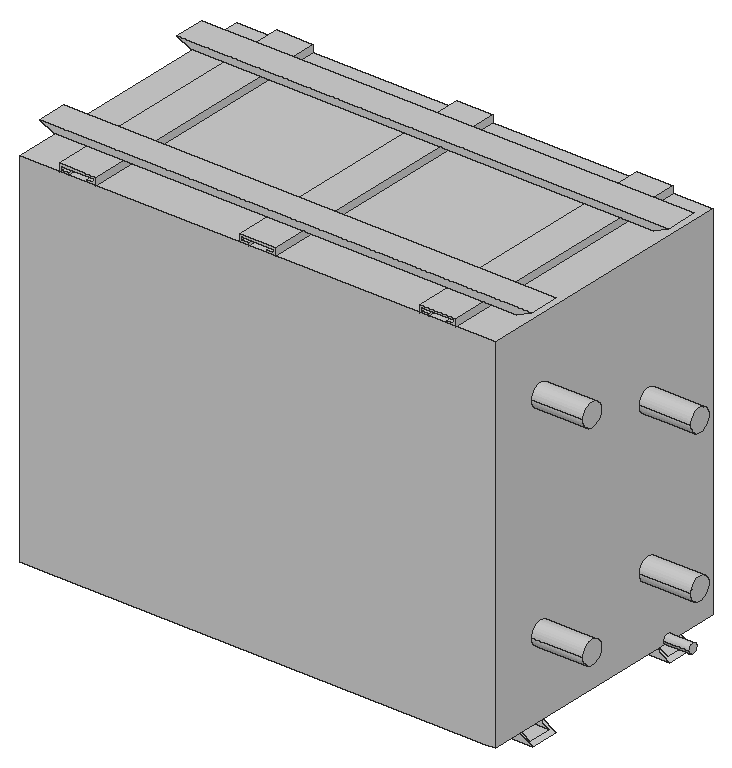
Revit family "Heat Pump-Rheem-W2W-35kW", category Mechanical Equipment, Revit 2020
Family settings
  Round Connector Dimension = Use Radius
  Part Type = Normal
  OmniClass Number = 23.75.10.21
  OmniClass Title = Heat Pumps
  Work Plane-Based = No
  Always vertical = Yes
  Cut with Voids When Loaded = No
  Shared = No
  Room Calculation Point = No
Parameters (values of type "9540350S")
  calcTopSupport = if(Show Top Supports, 32 mm, 0 mm)  # 32 mm
  calcFanGuardDepth = 133 mm  # constant formula
  Width_ANZRS = 599 mm  # constant formula
  Wattage_ANZRS = 35 kW  # constant formula
  Voltage_ANZRS = 230 V
  URL = "https://www.rheem.com.au/products/commercial/commercial-heat-pumps"
  Type Comments = ""
  SupportInsetSide = 77 mm  # constant formula
  Show Top Supports = yes
  ProductCode_ANZRS = "9540350S"
  PowerFactor_ANZRS = 1
  OutletPipeDiameter = 50 mm  # constant formula
  calcOutletPipeRad = if(1 = 1, OutletPipeDiameter / 2, 0 mm)  # 25 mm
  Model = "Rheem Commercial Water to Water Heat Pump – 35kW Stackable Model"
  Material_ANZRS = Rheem-Steel-Grey
  Manufacturer = "Rheem"  # constant formula
  Length_ANZRS = 1049 mm  # constant formula
  InletPipeDiameter = 50 mm  # constant formula
  calcInletPipeRadius = if(1 = 1, InletPipeDiameter / 2, 0 mm)  # 25 mm
  Height_ANZRS = if(Show Top Supports, 859 mm, 827 mm)  # 859 mm
  Description = "Rheem's Commercial Water to Water (W2W) heat pump includes units using R134a for hot water heating up to 65°C, with a minimum entering water temperature on the building loop of 12°C, giving a return water temperature of 7°C, with the units being compact and suitable for indoor or external installation. Stackable models allow units to be stacked two high for reduced footprint."
  Default Elevation = 0 mm
  CreatedBy_ANZRS = "Design Content"  # constant formula
  CreatedByURL_ANZRS = "https://www.designcontent.com.au/"
  Assembly Code = ""
  ApparentLoad_ANZRS = Wattage_ANZRS  # 35 kW
Types (2, lengths in mm): name | calcTopSupport | Show Top Supports | ProductCode_ANZRS | Model | Height_ANZRS | Description
  95403500 | 0 | no | "95403500" | "Rheem Commercial Water to Water Heat Pump – 35kW" | 827 | "Rheem's Commercial Water to Water (W2W) heat pump includes units using R134a for hot water heating up to 65°C, with a minimum entering water temperature on the building loop of 12°C, giving a return water temperature of 7°C, with the units being compact and suitable for indoor or external installation."
  9540350S | 32 | yes | "9540350S" | "Rheem Commercial Water to Water Heat Pump – 35kW Stackable Model" | 859 | "Rheem's Commercial Water to Water (W2W) heat pump includes units using R134a for hot water heating up to 65°C, with a minimum entering water temperature on the building loop of 12°C, giving a return water temperature of 7°C, with the units being compact and suitable for indoor or external installation. Stackable models allow units to be stacked two high for reduced footprint."
Reference planes
  plane 1 "Center (Front/Back)": y = 0
  plane 2: z = 0
  plane 3 "Center (Left/Right)": x = 0
  plane 4 "Back": y = 299.5
  plane 5 "Front": y = -299.5
  plane 6 "Left": x = -524.5
  plane 7 "Right": x = 524.5
  plane 8: z = 24
  plane 9 "HEIGHT": z = 827
  plane 10 "Inlet": z = 200
  plane 11 "Outlet": z = 670
  plane 12: x = 639.5
  plane 13: y = -222.5
  plane 14: y = 222.5
  plane 15: x = 582
  plane 16: z = 859
  plane 17: x = -544.5
  plane 18: x = 544.5
  plane 19 "Pipework": y = -176.5
Forms (mm)
  Extrusion 1, solid, material "Rheem-Steel-Grey" <- "Material_ANZRS", detail levels medium+fine
    sketch origin (0, 0, 0) x (1, 0, 0) y (0, 1, 0)
      loop
        line (-524.5, 299.5) -> (-524.5, -299.5) -> (524.5, -299.5) -> (524.5, 299.5) -> (-524.5, 299.5)
    from 24 to 827
  Extrusion 2, solid, material "Rheem-Steel-Grey" <- "Material_ANZRS"
    sketch origin (0, 111.908, 381.979) x (0, -1, 0) y (0, 0, 1)
      loop
        circle (288.408, -181.979) r 25
      loop
        circle (288.408, 288.021) r 25
      loop
        circle (-8.592, -185.979) r 25
      loop
        circle (-8.592, 147.021) r 25
    from -524.5 to -639.5
  Extrusion 3, solid, material "Rheem-Steel-Grey" <- "Material_ANZRS"
    sketch origin (524.5, 0, 0) x (0, -1, 0) y (0, 0, -1)
      loop
        circle (-173.5, -34) r 10
    from 0 to 57.5
  Extrusion 4, solid, material "Rheem-Steel-Grey" <- "Material_ANZRS", detail levels coarse
    sketch origin (0, 0, 827) x (-1, 0, 0) y (0, -1, 0)
      loop
        line (524.5, -299.5) -> (524.5, 299.5) -> (-524.5, 299.5) -> (-524.5, -299.5) -> (524.5, -299.5)
    from -827 to 32
  Extrusion 5, solid, material "Rheem-Steel-Grey" <- "Material_ANZRS", detail levels medium+fine
    sketch origin (0, 0, 0) x (0, 1, 0) y (0, 0, 1)
      loop
        line (247.5, 24) -> (217.5, 24) -> (217.5, 5) -> (163.086, 5) -> (163.086, 24) -> (133, 24) -> (133, 19) -> (158, 19) -> (158, 0) -> (222.5, 0) -> (222.5, 19) -> (247.5, 19) -> (247.5, 24)
      loop
        line (-133, 24) -> (-163, 24) -> (-163, 5) -> (-217.414, 5) -> (-217.414, 24) -> (-247.5, 24) -> (-247.5, 19) -> (-222.5, 19) -> (-222.5, 0) -> (-158, 0) -> (-158, 19) -> (-133, 19) -> (-133, 24)
    from -544.5 to 544.5
  Extrusion 6, solid, material "Rheem-Steel-Grey" <- "Material_ANZRS", visible <- "Show Top Supports", detail levels medium+fine
    sketch origin (0, 0, 0) x (1, 0, 0) y (0, 0, 1)
      loop
        line (-437.141, 827) -> (-417.141, 827) -> (-417.141, 832) -> (-432.141, 832) -> (-432.141, 838) -> (-362.141, 838) -> (-362.141, 832) -> (-377.141, 832) -> (-377.141, 827) -> (-357.141, 827) -> (-357.141, 843) -> (-437.141, 843) -> (-437.141, 827)
      loop
        line (357.141, 827) -> (377.141, 827) -> (377.141, 832) -> (362.141, 832) -> (362.141, 838) -> (432.141, 838) -> (432.141, 832) -> (417.141, 832) -> (417.141, 827) -> (437.141, 827) -> (437.141, 843) -> (357.141, 843) -> (357.141, 827)
      loop
        line (-40, 827) -> (-20, 827) -> (-20, 832) -> (-35, 832) -> (-35, 838) -> (35, 838) -> (35, 832) -> (20, 832) -> (20, 827) -> (40, 827) -> (40, 843) -> (-40, 843) -> (-40, 827)
    from -299.5 to 299.5
  Extrusion 7, solid, material "Rheem-Steel-Grey" <- "Material_ANZRS", visible <- "Show Top Supports", detail levels medium+fine
    sketch origin (23.5, 184.859, 18.5) x (0, -1, 0) y (0, 0, 1)
      loop
        line (29.359, 824.5) -> (29.359, 840.5) -> (-38.641, 840.5) -> (-38.641, 824.5) -> (-18.617, 824.5) -> (-18.617, 829) -> (-33.617, 829) -> (-33.617, 835.5) -> (24.359, 835.5) -> (24.359, 829) -> (9.359, 829) -> (9.359, 824.5) -> (29.359, 824.5)
      loop
        line (340.359, 824.5) -> (360.359, 824.5) -> (360.359, 829) -> (345.359, 829) -> (345.359, 835.5) -> (403.334, 835.5) -> (403.334, 829) -> (388.334, 829) -> (388.334, 824.5) -> (408.359, 824.5) -> (408.359, 840.5) -> (340.359, 840.5) -> (340.359, 824.5)
    from -521 to 568
  Extrusion 8, solid, detail levels medium+fine
    sketch origin (725.494, 299.5, 222.402) x (-1, 0, 0) y (0, 0, 1)
      loop
        circle (252.008, 378.5) r 15
      loop
        circle (252.008, 428.5) r 15
      loop
        circle (252.008, 328.5) r 15
      loop
        circle (252.008, 278.5) r 10
      loop
        circle (252.008, 228.5) r 10
    from 0 to 5
  Extrusion 9, void
    sketch origin (0, 0, 0) x (1, 0, 0) y (0, 0, 1)
      loop
        line (-511.136, 843) -> (-544.5, 860) -> (-544.5, 843) -> (-511.136, 843)
      loop
        line (511.136, 843) -> (544.5, 843) -> (544.5, 859.5) -> (511.136, 843)
      loop
        line (-502.931, 24) -> (-544.5, 24) -> (-544.5, 0) -> (-502.931, 24)
      loop
        line (502.931, 24) -> (544.5, 0) -> (544.5, 24) -> (502.931, 24)
    from -299.5 to 299.5
Cuts and joins
  Extrusion 9 cuts Extrusion 1
  Extrusion 9 cuts Extrusion 5
  Extrusion 9 cuts Extrusion 7
Lines and regions (mm)
  Split face 1
    outline origin (524.5, 299.5, 827) x (0, 0, -1) y (-1, 0, 0)
      loop
        line (140, 100) -> (802, 100) -> (802, 949) -> (140, 949) -> (140, 100)
  Split face 2
    outline origin (524.5, 299.5, 827) x (0, 0, -1) y (-1, 0, 0)
      loop
        line (120, 100) -> (120, 949) -> (20, 949) -> (20, 100) -> (120, 100)
Dimensions and locks
  equal spacing: plane 6 "Left", plane 3 "Center (Left/Right)", plane 7 "Right"
  equal spacing: plane 4 "Back", plane 1 "Center (Front/Back)", plane 5 "Front"
  "Width_ANZRS": plane 4 "Back" to plane 5 "Front"
  "Length_ANZRS": plane 6 "Left" to plane 7 "Right"
  locked: plane 12 to plane 7 "Right" at 115
  "SupportInsetSide": plane 5 "Front" to plane 13
  "SupportInsetSide": plane 14 to plane 4 "Back"
  locked: Extrusion 3 sketch curve to plane 8 at 10
  equal spacing: plane 12, plane 15, plane 7 "Right"
  locked: plane 8 to Extrusion 5 sketch curve at 5  (x2)
  Extrusion 5 sketch curve to plane 14 to Extrusion 5 sketch curve to Extrusion 5 sketch curve to Extrusion 5 sketch curve to Extrusion 5 sketch curve = 25 mm locked, 5 mm locked, 54.414 mm locked, 5.086 mm locked, 25 mm locked
  locked: plane 4 "Back" to Extrusion 3 sketch curve at 126
  Extrusion 5 sketch curve to Extrusion 5 sketch curve to Extrusion 5 sketch curve to Extrusion 5 sketch curve to Extrusion 5 sketch curve to Extrusion 5 sketch curve = 25 mm locked, 5 mm locked, 54.414 mm locked, 5.086 mm locked, 25 mm locked
  locked: Extrusion 6 sketch curve to plane 9 "HEIGHT" at 16
  Extrusion 6 sketch curve to Extrusion 6 sketch curve to plane 9 "HEIGHT" = 6 mm locked, 5 mm locked  (x3)
  locked: plane 9 "HEIGHT" to plane 8 at 803
  locked: plane 8 to plane 2 at 24
  locked: nested 1 to plane 9 "HEIGHT" at 300
  locked: plane 17 to plane 6 "Left" at 20
  locked: plane 18 to plane 7 "Right" at 20
  Extrusion 9 sketch curve to Extrusion 9 sketch curve to plane 9 "HEIGHT" = 17 mm, 16 mm
  Extrusion 9 sketch curve to Extrusion 9 sketch curve to plane 9 "HEIGHT" = 16.5 mm locked, 16 mm locked
  locked: plane 19 "Pipework" to plane 5 "Front" at 123
  locked: plane 10 "Inlet" to plane 2 at 200
  locked: plane 11 "Outlet" to plane 10 "Inlet" at 470
  locked: Extrusion 2 sketch curve to plane 4 "Back" at 179  (x2)
  locked: Extrusion 2 sketch curve to plane 10 "Inlet" at 329
  locked: plane 8 to Split face 1 sketch curve at 1
  Split face 1 sketch curve to plane 9 "HEIGHT" = 140 mm
  locked: Split face 1 sketch curve to plane 7 "Right" at 100
  locked: plane 6 "Left" to Split face 1 sketch curve at 100
  locked: plane 7 "Right" to Split face 2 sketch curve at 100
  locked: plane 6 "Left" to Split face 2 sketch curve at 100
  locked: Split face 2 sketch curve to plane 9 "HEIGHT" at 20
  locked: Split face 2 sketch curve to plane 9 "HEIGHT" at 120
  "calcTopSupport": plane 16 to plane 9 "HEIGHT"
  Extrusion 7 sketch curve to Extrusion 7 sketch curve to Extrusion 7 sketch curve to Extrusion 7 sketch curve to plane 9 "HEIGHT" = 5 mm locked, 6.5 mm locked, 4.5 mm locked, 16 mm locked
  locked: Extrusion 2 sketch curve to plane 2 at 196
  "calcOutletPipeRad": radius of Extrusion 2 sketch curve  (x3)
  "calcInletPipeRadius": radius of Extrusion 2 sketch curve
  radius of Extrusion 3 sketch curve = 10 mm
  aligned and locked: level to plane 2
  aligned and locked: Extrusion 1 sketch curve to plane 6 "Left"
  aligned and locked: Extrusion 1 sketch curve to plane 7 "Right"
  aligned and locked: plane 9 "HEIGHT" to Extrusion 1
  aligned and locked: Extrusion 1 to plane 8
  aligned and locked: plane 5 "Front" to Extrusion 1
  aligned and locked: Extrusion 2 to plane 7 "Right"
  aligned and locked: plane 11 "Outlet" to Extrusion 2 sketch curve
  aligned and locked: plane 10 "Inlet" to Extrusion 2 sketch curve
  aligned and locked: plane 15 to Extrusion 3
  aligned and locked: Extrusion 4 sketch curve to plane 4 "Back"
  aligned and locked: Extrusion 4 sketch curve to plane 5 "Front"
  aligned and locked: Extrusion 4 sketch curve to plane 7 "Right"
  aligned and locked: Extrusion 4 sketch curve to plane 6 "Left"
  aligned and locked: Extrusion 4 to plane 2
  aligned and locked: plane 16 to Extrusion 4
  aligned and locked: plane 12 to Extrusion 2
  aligned and locked: plane 5 "Front" to Extrusion 6
  aligned and locked: plane 4 "Back" to Extrusion 6
  aligned and locked: Extrusion 6 sketch curve to Extrusion 6 sketch curve  (x8)
  aligned and locked: plane 4 "Back" to Extrusion 1
  aligned and locked: Extrusion 7 sketch curve to Extrusion 7 sketch curve  (x8)
  aligned and locked: nested 1 to plane 3 "Center (Left/Right)"
  aligned and locked: Extrusion 5 to plane 17
  aligned and locked: plane 18 to Extrusion 5
  aligned and locked: Extrusion 7 to plane 17
  aligned and locked: plane 18 to Extrusion 7
  aligned and locked: plane 17 to Extrusion 9 sketch curve
  aligned and locked: Extrusion 9 sketch curve to plane 8
  aligned and locked: Extrusion 9 sketch curve to plane 17
  aligned and locked: plane 18 to Extrusion 9 sketch curve
  aligned and locked: Extrusion 9 to Extrusion 1  (x2)
  aligned and locked: plane 19 "Pipework" to Extrusion 2 sketch curve  (x2)
Automatic sketch dimensions
  plane 5 "Front" to Extrusion 1 sketch curve = 0 mm
  Extrusion 1 sketch curve to plane 4 "Back" = 0 mm
  Extrusion 5 sketch curve to plane 8 = 0 mm  (x4)
  Extrusion 5 sketch curve to level = 0 mm  (x2)
  Extrusion 5 sketch curve to plane 13 = 0 mm
  Extrusion 5 sketch curve to plane 14 = 0 mm
  level to Extrusion 5 sketch curve = 5 mm  (x2)
  Extrusion 5 sketch curve to plane 8 = 5 mm  (x2)
  Extrusion 6 sketch curve to plane 9 "HEIGHT" = 0 mm  (x3)
  Extrusion 6 sketch curve to plane 6 "Left" = 87.359 mm
  Extrusion 6 sketch curve to Extrusion 6 sketch curve = 5 mm  (x6)
  Extrusion 6 sketch curve to Extrusion 6 sketch curve = 15 mm  (x6)
  Extrusion 6 sketch curve to Extrusion 6 sketch curve = 40 mm  (x2)
  Extrusion 6 sketch curve to plane 3 "Center (Left/Right)" = 40 mm
  plane 3 "Center (Left/Right)" to Extrusion 6 sketch curve = 20 mm
  Extrusion 6 sketch curve to plane 7 "Right" = 167.359 mm
  Extrusion 8 sketch curve to plane 7 "Right" = 51.014 mm  (x2)
  Extrusion 8 sketch curve to plane 11 "Outlet" = 119.098 mm
  Extrusion 8 sketch curve to Extrusion 8 sketch curve = 0 mm  (x3)
  Extrusion 8 sketch curve to Extrusion 8 sketch curve = 50 mm  (x3)
  Extrusion 8 sketch curve to plane 11 "Outlet" = 69.098 mm
  Extrusion 9 sketch curve to plane 8 = 0 mm
  Extrusion 9 sketch curve to plane 18 = 0 mm
  Extrusion 9 sketch curve to level = 0 mm  (x2)
  Extrusion 9 sketch curve to plane 6 "Left" = 13.364 mm
  Extrusion 9 sketch curve to plane 6 "Left" = 21.569 mm
  Extrusion 9 sketch curve to plane 7 "Right" = 21.569 mm
  Extrusion 9 sketch curve to plane 7 "Right" = 13.364 mm
  plane 14 to Extrusion 7 sketch curve = 1 mm
  Extrusion 7 sketch curve to plane 14 = 4.024 mm
  Extrusion 7 sketch curve to Extrusion 7 sketch curve = 15 mm  (x3)
  Extrusion 7 sketch curve to Extrusion 7 sketch curve = 27.976 mm
  Extrusion 7 sketch curve to Extrusion 7 sketch curve = 5 mm  (x2)
  plane 13 to Extrusion 7 sketch curve = 67 mm
  plane 13 to Extrusion 7 sketch curve = 19.024 mm
  plane 13 to Extrusion 7 sketch curve = 4.024 mm
  Extrusion 7 sketch curve to plane 13 = 1 mm
  radius of Extrusion 8 sketch curve = 15 mm  (x3)
  radius of Extrusion 8 sketch curve = 10 mm  (x2)
Nested families
  nested 1: "X_Rheem Logo" at (0, 299.5, 527) x (-1, 0, 0) z (0, 1, 0), type "Standard", detail levels fine
Connectors
  piping at (639.5, -176.5, 200), diameter 50, driven by "calcInletPipeRadius"
    settings: on Extrusion 2, index 9, connector inside diameter 20 mm, connector length 0 mm, flow factor 0, pipe flow 0.0 L/s, pressure drop 0.0 Pa, fitting loss kfactor 0, connector angle 0.00°, fixture units 0, engagement length 0 mm, angle of deflection 0.00°, flow configuration 1, flow direction 1, fitting loss method 0, system type 20, joint type 0, gender type 0, connector reference index -1, connector utility 0, adjustable connector no, is connector primary yes, connector description "Water In"
  piping at (639.5, -176.5, 200), diameter 50, driven by "calcOutletPipeRad"
    settings: on Extrusion 2, index 10, connector inside diameter 20 mm, connector length 0 mm, flow factor 0, pipe flow 0.0 L/s, pressure drop 0.0 Pa, fitting loss kfactor 0, connector angle 0.00°, fixture units 0, engagement length 0 mm, angle of deflection 0.00°, flow configuration 1, flow direction 2, fitting loss method 0, system type 20, joint type 0, gender type 0, connector reference index -1, connector utility 0, adjustable connector no, is connector primary no, connector description "CW Out"
  piping at (582, 173.5, 34), diameter 20
    settings: on Extrusion 3, index 11, connector inside diameter 609.6 mm, connector length 0 mm, flow factor 0, pipe flow 0.0 L/s, pressure drop 0.0 Pa, fitting loss kfactor 0, connector angle 0.00°, fixture units 0, engagement length 0 mm, angle of deflection 0.00°, flow configuration 1, flow direction 2, fitting loss method 0, system type 16, joint type 0, gender type 0, connector reference index -1, connector utility 0, adjustable connector no, is connector primary no, connector description ""
  piping at (639.5, -176.5, 670), diameter 50, driven by "calcInletPipeRadius"
    settings: on Extrusion 2, index 16, connector inside diameter 609.6 mm, connector length 0 mm, flow factor 0, pipe flow 0.0 L/s, pressure drop 0.0 Pa, fitting loss kfactor 0, connector angle 0.00°, fixture units 0, engagement length 0 mm, angle of deflection 0.00°, flow configuration 1, flow direction 1, fitting loss method 0, system type 20, joint type 0, gender type 0, connector reference index -1, connector utility 0, adjustable connector no, is connector primary no, connector description "CW In"
  electrical at (473.486, 299.5, 650.902), driven by "Voltage_ANZRS", driven by "ApparentLoad_ANZRS", driven by "PowerFactor_ANZRS"
    settings: on Extrusion 8, index 17, voltage 230 V, apparent load 35 kW, apparent load phase1 0 kW, apparent load phase2 0 kW, apparent load phase3 0 kW, power factor 1, load classification "Power", number of poles 1, system type 30, power factor state 1, is connector primary yes, connector utility no, sub classification motor no, connector description ""
  electrical at (473.486, 299.5, 600.902), driven by "Voltage_ANZRS", driven by "ApparentLoad_ANZRS", driven by "PowerFactor_ANZRS"
    settings: on Extrusion 8, index 18, voltage 230 V, apparent load 35 kW, apparent load phase1 0 kW, apparent load phase2 0 kW, apparent load phase3 0 kW, power factor 1, load classification "Power", number of poles 1, system type 30, power factor state 1, is connector primary no, connector utility no, sub classification motor no, connector description ""
  electrical at (473.486, 299.5, 550.902), driven by "Voltage_ANZRS", driven by "ApparentLoad_ANZRS", driven by "PowerFactor_ANZRS"
    settings: on Extrusion 8, index 19, voltage 230 V, apparent load 35 kW, apparent load phase1 0 kW, apparent load phase2 0 kW, apparent load phase3 0 kW, power factor 1, load classification "Power", number of poles 1, system type 30, power factor state 1, is connector primary no, connector utility no, sub classification motor no, connector description ""
  electrical at (473.486, 299.5, 500.902), driven by "Voltage_ANZRS", driven by "ApparentLoad_ANZRS", driven by "PowerFactor_ANZRS"
    settings: on Extrusion 8, index 20, voltage 230 V, apparent load 35 kW, apparent load phase1 0 kW, apparent load phase2 0 kW, apparent load phase3 0 kW, power factor 1, load classification "Power", number of poles 1, system type 30, power factor state 1, is connector primary no, connector utility no, sub classification motor no, connector description ""
  electrical at (473.486, 299.5, 450.902), driven by "Voltage_ANZRS", driven by "ApparentLoad_ANZRS", driven by "PowerFactor_ANZRS"
    settings: on Extrusion 8, index 21, voltage 230 V, apparent load 35 kW, apparent load phase1 0 kW, apparent load phase2 0 kW, apparent load phase3 0 kW, power factor 1, load classification "Power", number of poles 1, system type 30, power factor state 1, is connector primary no, connector utility no, sub classification motor no, connector description ""
  piping at (639.5, 120.5, 196), diameter 50, driven by "calcInletPipeRadius"
    settings: on Extrusion 2, index 22, connector inside diameter 609.6 mm, connector length 0 mm, flow factor 0, pipe flow 0.0 L/s, pressure drop 0.0 Pa, fitting loss kfactor 0, connector angle 0.00°, fixture units 0, engagement length 0 mm, angle of deflection 0.00°, flow configuration 1, flow direction 1, fitting loss method 0, system type 19, joint type 0, gender type 0, connector reference index -1, connector utility 0, adjustable connector no, is connector primary no, connector description "HW In"
  piping at (639.5, 120.5, 529), diameter 50, driven by "calcOutletPipeRad"
    settings: on Extrusion 2, index 23, connector inside diameter 609.6 mm, connector length 0 mm, flow factor 0, pipe flow 0.0 L/s, pressure drop 0.0 Pa, fitting loss kfactor 0, connector angle 0.00°, fixture units 0, engagement length 0 mm, angle of deflection 0.00°, flow configuration 1, flow direction 2, fitting loss method 0, system type 19, joint type 0, gender type 0, connector reference index -1, connector utility 0, adjustable connector no, is connector primary no, connector description "HW Out"
Definition of nested family "X_Rheem Logo"
  Parameters (values of type "Standard")
    Default Elevation = 1219.2 mm
    Assembly Code = ""
  Reference planes
    plane 1 "Center (Front/Back)": y = 0
    plane 2: z = 0
    plane 3 "Center (Left/Right)": x = 0
  Forms (mm)
    Extrusion 1, solid
      sketch origin (0, 0, 0) x (1, 0, 0) y (0, 1, 0)
        loop
          line (-1219.2, 1219.2) -> (-1219.2, -1219.2) -> (1219.2, -1219.2) -> (1219.2, 1219.2) -> (-1219.2, 1219.2)
      from 0 to -304.8
    Extrusion 2, solid
      sketch origin (0, 0, 0) x (1, 0, 0) y (0, 1, 0)
        loop
          arc (-33.529, -21.813) -> (38.36, -11.338) -> (-16.283, 36.536) r 40
          line (-16.283, 36.536) -> (-16.283, 5.397)
          arc (-16.283, 5.397) -> (-14.75, 6.901) -> (-12.662, 7.405) r 4.033
          arc (-12.662, 7.405) -> (-9.852, 6.403) -> (-8.561, 3.712) r 3.918
          line (-8.561, 3.712) -> (-8.561, -8.033) -> (-11.525, -8.033) -> (-11.525, 1.806)
          arc (-11.525, 1.806) -> (-12.858, 4.057) -> (-15.428, 3.572) r 2.279
          arc (-15.428, 3.572) -> (-15.988, 2.759) -> (-16.246, 1.806) r 2.925
          line (-16.246, 1.806) -> (-16.246, -8.079) -> (-19.645, -8.079) -> (-19.645, 34.843)
          arc (-19.645, 34.843) -> (-26.644, 29.834) -> (-32.41, 23.444) r 40
          arc (-32.41, 23.444) -> (-21.103, 13.87) -> (-28.782, 1.2) r 11.411
          line (-28.782, 1.2) -> (-7.321, -24.919) -> (-11.462, -24.919) -> (-31.83, -0.131) -> (-31.83, -21.813) -> (-33.529, -21.813)
        loop
          line (-35.017, -19.335) -> (-35.017, 19.335)
          arc (-35.017, 19.335) -> (-40, 0) -> (-35.017, -19.335) r 40
        loop
          line (19.37, -8.097) -> (22.563, -8.097) -> (22.563, 2.258)
          spline (22.563, 2.258) -> (22.878, 3.103) -> (23.24, 3.526) -> (23.639, 3.818) -> (24.082, 3.997) -> (24.556, 4.074) -> (25.034, 4.068) -> (25.491, 3.983) -> (25.903, 3.817) -> (26.238, 3.56) -> (26.492, 3.191) -> (26.717, 2.639) -> (26.9, 1.6)
          line (26.9, 1.6) -> (26.9, -8.097) -> (29.854, -8.097) -> (29.854, 2.258)
          spline (29.854, 2.258) -> (30.181, 3.064) -> (30.553, 3.474) -> (30.969, 3.74) -> (31.419, 3.936) -> (31.889, 4.059) -> (32.364, 4.078) -> (32.821, 3.995) -> (33.233, 3.826) -> (33.568, 3.567) -> (33.822, 3.195) -> (34.048, 2.639) -> (34.231, 1.594)
          line (34.231, 1.594) -> (34.231, -8.097) -> (37.174, -8.097) -> (37.174, 3.718)
          spline (37.174, 3.718) -> (36.65, 5.383) -> (35.957, 6.159) -> (35.415, 6.563) -> (34.941, 6.826) -> (34.394, 7.032) -> (33.695, 7.17) -> (32.91, 7.2) -> (32.152, 7.119) -> (31.53, 6.952) -> (31.006, 6.67) -> (30.429, 6.179) -> (29.566, 5.166)
          spline (29.566, 5.166) -> (28.777, 6.078) -> (28.276, 6.494) -> (27.782, 6.788) -> (27.231, 7.014) -> (26.621, 7.177) -> (26.085, 7.261) -> (25.622, 7.26) -> (25.015, 7.185) -> (24.376, 7.012) -> (23.849, 6.722) -> (23.308, 6.304) -> (22.552, 5.275)
          line (22.552, 5.275) -> (22.552, 6.926) -> (19.37, 6.926) -> (19.37, -8.097)
        loop
          line (-4.051, 1.414) -> (2.029, 1.414)
          spline (2.029, 1.414) -> (1.473, 2.786) -> (1.087, 3.377) -> (0.673, 3.834) -> (0.205, 4.224) -> (-0.271, 4.485) -> (-0.868, 4.588) -> (-1.527, 4.548) -> (-2.06, 4.356) -> (-2.438, 4.033) -> (-2.865, 3.608) -> (-3.384, 2.906) -> (-4.051, 1.414)
        loop
          line (-4.095, -1.507) -> (5.029, -1.507)
          spline (5.029, -1.507) -> (4.769, 1.886) -> (4.1, 3.692) -> (3.083, 5.302) -> (1.664, 6.502) -> (-0.127, 7.316) -> (-1.72, 7.317) -> (-3.497, 6.614) -> (-4.898, 5.44) -> (-6.016, 3.817) -> (-6.693, 1.944) -> (-6.954, 0.058) -> (-6.657, -3.194)
          spline (-6.657, -3.194) -> (-5.711, -5.424) -> (-4.777, -6.63) -> (-3.808, -7.465) -> (-2.878, -7.994) -> (-1.873, -8.306) -> (-0.773, -8.411) -> (0.288, -8.278) -> (1.264, -7.907) -> (2.23, -7.346) -> (3.148, -6.594) -> (4.02, -5.578) -> (4.876, -3.596)
          line (4.876, -3.596) -> (1.705, -3.596)
          spline (1.705, -3.596) -> (0.883, -4.78) -> (0.307, -5.189) -> (-0.248, -5.429) -> (-0.802, -5.54) -> (-1.305, -5.525) -> (-1.909, -5.294) -> (-2.514, -4.923) -> (-2.921, -4.547) -> (-3.253, -4.098) -> (-3.591, -3.486) -> (-3.885, -2.641) -> (-4.095, -1.507)
        loop
          line (8.984, 1.152) -> (15.064, 1.152)
          spline (15.064, 1.152) -> (14.509, 2.524) -> (14.123, 3.116) -> (13.708, 3.573) -> (13.241, 3.962) -> (12.764, 4.224) -> (12.168, 4.327) -> (11.508, 4.287) -> (10.975, 4.095) -> (10.598, 3.771) -> (10.171, 3.347) -> (9.652, 2.645) -> (8.984, 1.152)
        loop
          line (8.973, -1.54) -> (18.097, -1.54)
          spline (18.097, -1.54) -> (17.837, 1.853) -> (17.168, 3.659) -> (16.151, 5.269) -> (14.732, 6.469) -> (12.941, 7.283) -> (11.348, 7.285) -> (9.571, 6.581) -> (8.17, 5.407) -> (7.052, 3.785) -> (6.375, 1.911) -> (6.114, 0.026) -> (6.412, -3.226)
          spline (6.412, -3.226) -> (7.357, -5.456) -> (8.291, -6.663) -> (9.26, -7.498) -> (10.191, -8.027) -> (11.195, -8.339) -> (12.295, -8.444) -> (13.356, -8.311) -> (14.332, -7.939) -> (15.298, -7.379) -> (16.217, -6.626) -> (17.088, -5.61) -> (17.944, -3.629)
          line (17.944, -3.629) -> (14.773, -3.629)
          spline (14.773, -3.629) -> (13.951, -4.813) -> (13.375, -5.222) -> (12.82, -5.462) -> (12.266, -5.573) -> (11.763, -5.557) -> (11.159, -5.326) -> (10.555, -4.955) -> (10.147, -4.58) -> (9.816, -4.131) -> (9.477, -3.519) -> (9.183, -2.673) -> (8.973, -1.54)
        loop
          circle (0, 0) r 43
        loop
          arc (-31.817, 3.841) -> (-24.154, 12.033) -> (-31.817, 20.226) r 8.211
          line (-31.817, 20.226) -> (-31.817, 3.841)
      from 0 to 1
  Dimensions and locks
    aligned and locked: plane 2 to Extrusion 1
    aligned and locked: level to Extrusion 1
